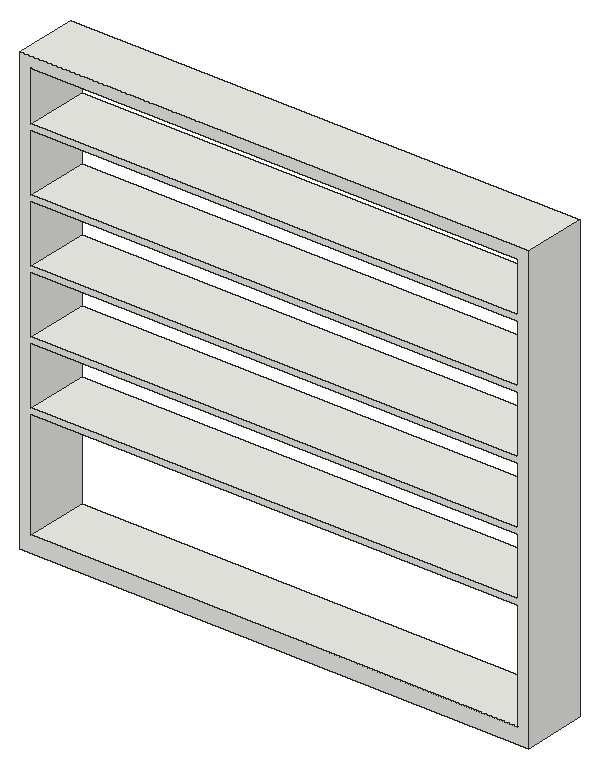
Revit family "Shelving", category Furniture, Revit 2018
Family settings
  OmniClass Number = 23.40.20.27.11
  OmniClass Title = Shelves
  Work Plane-Based = No
  Always vertical = Yes
  Cut with Voids When Loaded = No
  Shared = No
  Room Calculation Point = No
Parameters (values of type "96" x 12" x 84"")
  Assembly Code = "E2020200"
  Depth = 1' - 0"
  Height = 7' - 0"
  Shelving Unit Material = Laminate, Ivory, Matte
  Width = 8' - 0"
Types (3): name | Depth | Height | Shelving Unit Material | Width
  (no name) | 1' - 0" | 7' - 0" | Laminate, Ivory, Matte | 8' - 0"
  36" x 10" x 72" | 0' - 10" | 6' - 0" | Birch | 3' - 0"
  96" x 12" x 84" | 1' - 0" | 7' - 0" | Laminate, Ivory, Matte | 8' - 0"
Reference planes (in)
  plane 1: y = -12
  plane 2: z = 0
  plane 3: x = 0
  plane 4 "Back": y = -6
  plane 5 "Front": y = -18
  plane 6 "Right": x = 48
  plane 7 "Left": x = -48
  plane 8: z = 84
  plane 9: x = -46
  plane 10: x = 46
  plane 11: x = -48
  plane 12: x = 48
  plane 13: z = 60
  plane 14: z = 36
  plane 15: z = 12
  plane 16: z = 72
  plane 17: z = 48
  plane 18: z = 24
Forms (in)
  Extrusion 1, solid, material "Laminate, Ivory, Matte" <- "Shelving Unit Material"
    sketch origin (0, 0, 0) x (1, 0, 0) y (0, 0, 1)
      loop
        line (-48, 0) -> (48, 0) -> (48, 84) -> (-48, 84) -> (-48, 0)
      loop
        line (-46, 82) -> (-46, 72.5) -> (46, 72.5) -> (46, 82) -> (-46, 82)
      loop
        line (-46, 3) -> (46, 3) -> (46, 23.5) -> (-46, 23.5) -> (-46, 3)
      loop
        line (46, 48.5) -> (46, 59.5) -> (-46, 59.5) -> (-46, 48.5) -> (46, 48.5)
      loop
        line (-46, 71.5) -> (-46, 60.5) -> (46, 60.5) -> (46, 71.5) -> (-46, 71.5)
      loop
        line (-46, 47.5) -> (-46, 36.5) -> (46, 36.5) -> (46, 47.5) -> (-46, 47.5)
      loop
        line (-46, 35.5) -> (-46, 24.5) -> (46, 24.5) -> (46, 35.5) -> (-46, 35.5)
    from 6 to 18
Lines and regions (in)
  Masking region 1
    outline origin (0, 0, 0) x (1, 0, 0) y (0, 1, 0)
      loop
        line (-48, -6) -> (-48, -18) -> (48, -18) -> (48, -6) -> (-48, -6)
Dimensions and locks (in)
  locked: plane 11 to plane 9 at 2
  plane 8 to Extrusion 1 sketch curve = 0' - 2"
  Extrusion 1 sketch curve to plane 2 = 0' - 3"
  "Width": plane 7 "Left" to plane 6 "Right"
  equal spacing: plane 7 "Left", plane 3, plane 6 "Right"
  equal spacing: plane 4 "Back", plane 1, plane 5 "Front"
  "Depth": plane 4 "Back" to plane 5 "Front"
  "Height": plane 8 to plane 2
  equal spacing: plane 8, plane 16, plane 13, plane 17, plane 14, plane 18, plane 15, plane 2
  locked: Extrusion 1 sketch curve to plane 16 at 0.5
  locked: plane 16 to Extrusion 1 sketch curve at 0.5
  locked: Extrusion 1 sketch curve to plane 13 at 0.5
  locked: plane 13 to Extrusion 1 sketch curve at 0.5
  locked: Extrusion 1 sketch curve to plane 17 at 0.5
  locked: plane 17 to Extrusion 1 sketch curve at 0.5
  locked: Extrusion 1 sketch curve to plane 14 at 0.5
  locked: plane 14 to Extrusion 1 sketch curve at 0.5
  locked: Extrusion 1 sketch curve to plane 18 at 0.5
  locked: plane 18 to Extrusion 1 sketch curve at 0.5
  locked: plane 10 to plane 12 at 2
  aligned and locked: Extrusion 1 to plane 5 "Front"
  aligned and locked: Extrusion 1 sketch curve to plane 11
  aligned and locked: Extrusion 1 sketch curve to plane 12
  aligned and locked: plane 11 to plane 7 "Left"
  aligned and locked: plane 12 to plane 6 "Right"
  aligned and locked: plane 4 "Back" to Extrusion 1
  aligned and locked: plane 10 to Extrusion 1 sketch curve  (x4)
  aligned and locked: Extrusion 1 sketch curve to Extrusion 1 sketch curve
  aligned and locked: plane 7 "Left" to Masking region 1 sketch curve
  aligned and locked: Masking region 1 sketch curve to plane 6 "Right"
  aligned and locked: plane 5 "Front" to Masking region 1 sketch curve
  aligned and locked: Masking region 1 sketch curve to plane 4 "Back"
Automatic sketch dimensions
  Extrusion 1 sketch curve to plane 9 = 0' - 0"  (x5)
  Extrusion 1 sketch curve to plane 10 = 0' - 0"  (x2)
  Extrusion 1 sketch curve to level = 0' - 0"
  Extrusion 1 sketch curve to plane 8 = 0' - 0"
